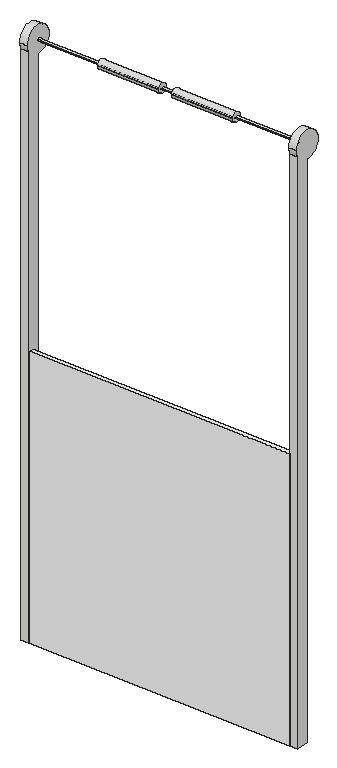
Revit family "Welterweight-SV", category Generic Models, host Wall, Revit 2026
Family settings
  Host = Wall
  Can host rebar = No
  Round Connector Dimension = Use Diameter
  Part Type = Normal
  Always vertical = Yes
  Cut with Voids When Loaded = Yes
  Maintain Annotation Orientation = No
  Shared = No
  Room Calculation Point = No
Parameters (values of type "10' x 10'")
  Type Comments = "Insulated"  # constant formula
  TrackWidth = 0' - 3 1/2"
  TrackHeight = OpeningHeight + 10' 6"  # 20' - 6"
  TrackDepth = 0' - 5 3/8"
  PanelSize = 2' - 0"  # constant formula
  OpeningWidth = 10' - 0"
  OpeningHeight = 10' - 0"
  Model = "Welterweight"  # constant formula
  Manufacturer = "TKO"  # constant formula
  DoorThk = 0' - 2"  # constant formula
  Description = "Sectional Doors"  # constant formula
  Default Elevation = 0' - 0"
Types (16): name | TrackHeight | TrackDepth | OpeningWidth | OpeningHeight
  (no name) | 20' - 6" | 0' - 5 3/8" | 10' - 0" | 10' - 0"
  8' x 10' | 20' - 6" | 0' - 5 3/8" | 8' - 0" | 10' - 0"
  9' x 10' | 20' - 6" | 0' - 5 3/8" | 9' - 0" | 10' - 0"
  10' x 10' | 20' - 6" | 0' - 5 3/8" | 10' - 0" | 10' - 0"
  10' x 11' | 21' - 6" | 0' - 5 5/8" | 10' - 0" | 11' - 0"
  9'x 11' | 21' - 6" | 0' - 5 3/8" | 9' - 0" | 11' - 0"
  8' x 11' | 21' - 6" | 0' - 5 3/8" | 8' - 0" | 11' - 0"
  10' x 12' | 22' - 6" | 0' - 5 3/8" | 10' - 0" | 12' - 0"
  8' x 12' | 22' - 6" | 0' - 5 3/8" | 8' - 0" | 12' - 0"
  9' x 12' | 22' - 6" | 0' - 5 3/8" | 9' - 0" | 12' - 0"
  10' x 8' | 18' - 6" | 0' - 5 3/8" | 10' - 0" | 8' - 0"
  10' x 9' | 18' - 6" | 0' - 5 3/8" | 10' - 0" | 8' - 0"
  8' x 9' | 19' - 6" | 0' - 5 3/8" | 8' - 0" | 9' - 0"
  8' x 8' | 18' - 6" | 0' - 5 3/8" | 8' - 0" | 8' - 0"
  9' x 9' | 19' - 6" | 0' - 5 3/8" | 9' - 0" | 9' - 0"
  9' x 8' | 19' - 6" | 0' - 5 3/8" | 9' - 0" | 9' - 0"
Reference planes (in)
  plane 1: y = 0
  plane 2 "Center (Left/Right)": x = 0
  plane 3 "Wall Edge": y = 3
  plane 4: x = -60
  plane 5: x = 60
  plane 6: z = 120
  plane 7: y = 3
  plane 8: y = 5
  plane 9: z = 24
  plane 10: z = 48
  plane 11: z = 72
  plane 12: x = -63.5
  plane 13: x = 63.5
  plane 14: y = 8.375
  plane 15: z = 246
  plane 16: z = 96
  plane 17: z = 120
  plane 18: x = -3
  plane 19: x = 3
  plane 20: x = 31
  plane 21: x = -31
Forms (in)
  Extrusion 1, void
    sketch origin (0, 3, 0) x (1, 0, 0) y (0, 0, 1)
      loop
        line (60, 120) -> (-60, 120) -> (-60, 0) -> (60, 0) -> (60, 120)
    from 0 to 6
  Extrusion 2, solid, material "DOOR PANEL"
    sketch origin (0, 0, 0) x (1, 0, 0) y (0, 1, 0)
      loop
        line (-60, 5) -> (-60, 3) -> (60, 3) -> (60, 5) -> (-60, 5)
    from 0 to 120
  Extrusion 3, solid, material "Steel"
    sketch origin (0, 0, 0) x (1, 0, 0) y (0, 1, 0)
      loop
        line (-63.5, 8.375) -> (-63.5, 3) -> (-60, 3) -> (-60, 8.375) -> (-63.5, 8.375)
      loop
        line (60, 8.375) -> (60, 3) -> (63.5, 3) -> (63.5, 8.375) -> (60, 8.375)
    from 0 to 246
  Extrusion 4, solid, material "Steel"
    sketch origin (0, 0, 0) x (0, 1, 0) y (0, 0, 1)
      loop
        circle (8.375, 246) r 6
    from 60 to 63.5
  Extrusion 5, solid, material "Steel"
    sketch origin (0, 0, 0) x (0, 1, 0) y (0, 0, -1)
      loop
        circle (8.375, -246) r 6
    from 60 to 63.5
  Extrusion 6, solid, material "Steel"
    sketch origin (0, 0, 0) x (0, 1, 0) y (0, 0, 1)
      loop
        circle (8.375, 246) r 0.5
    from -60 to 60
  Extrusion 7, solid, material "Steel"
    sketch origin (0, 0, 0) x (0, 1, 0) y (0, 0, 1)
      loop
        circle (8.375, 246) r 2
    from 3 to 31
  Extrusion 8, solid, material "Steel"
    sketch origin (0, 0, 0) x (0, 1, 0) y (0, 0, -1)
      loop
        circle (8.375, -246) r 2
    from 3 to 31
Cuts and joins
  joined: Extrusion 3, Extrusion 4, Extrusion 5
Lines and regions (in)
  model lines
    curve 1: line (60, 3, 24) -> (-60, 3, 24)
    curve 2: line (-60, 3, 48) -> (60, 3, 48)
    curve 3: line (60, 3, 72) -> (-60, 3, 72)
    curve 4: line (60, 3, 96) -> (-60, 3, 96)
    curve 5: line (60, 3, 120) -> (-60, 3, 120)
Text (in)
  text "Placement Side" at (0, 40.15149, 123.01588), in view "Right"
  text "Placement Side" at (-70.3804, 83.26548, 0), in view "Ref. Level"
  text "Placement Side" at (0, 81.62555, 140.59947), in view "Left"
Dimensions and locks (in)
  locked: plane 3 "Wall Edge" to host wall
  equal spacing: plane 5, plane 2 "Center (Left/Right)", plane 4
  "OpeningWidth": plane 5 to plane 4
  "DoorThk": plane 7 to plane 8
  host wall to Extrusion 2 = 0' - 5"
  "TrackDepth": plane 14 to plane 7
  "TrackWidth": plane 12 to plane 4
  "TrackWidth": plane 5 to plane 13
  "PanelSize": plane 9 to level
  equal spacing: plane 17, plane 16, plane 11, plane 10, plane 9, level
  "TrackHeight": level to plane 15
  "OpeningHeight": level to plane 6
  equal spacing: plane 18, plane 2 "Center (Left/Right)", plane 19, locked at 3 each
  locked: plane 21 to plane 18 at 28
  locked: plane 19 to plane 20 at 28
  radius of Extrusion 4 sketch curve = 0' - 6"
  radius of Extrusion 5 sketch curve = 0' - 6"
  radius of Extrusion 6 sketch curve = 0' - 0 1/2"
  radius of Extrusion 7 sketch curve = 0' - 2"
  radius of Extrusion 8 sketch curve = 0' - 2"
  aligned and locked: host wall to plane 7
  aligned and locked: Extrusion 1 sketch curve to plane 5
  aligned and locked: Extrusion 1 sketch curve to plane 4
  aligned and locked: Extrusion 1 to plane 7
  aligned and locked: host wall to Extrusion 1
  aligned and locked: Extrusion 2 to plane 3 "Wall Edge"
  aligned and locked: plane 8 to Extrusion 2
  aligned and locked: Extrusion 2 to plane 6
  aligned and locked: Extrusion 3 sketch curve to plane 14  (x2)
  aligned and locked: Extrusion 3 sketch curve to plane 12
  aligned and locked: curve 1 to Extrusion 3 sketch curve
  aligned and locked: plane 5 to Extrusion 3 sketch curve
  aligned and locked: Extrusion 3 sketch curve to plane 7
  aligned and locked: Extrusion 3 sketch curve to plane 13
  aligned and locked: plane 15 to Extrusion 3
  aligned and locked: plane 15 to Extrusion 4 sketch curve
  aligned and locked: Extrusion 4 to plane 13
  aligned and locked: Extrusion 4 to plane 5
  aligned and locked: plane 4 to Extrusion 5
  aligned and locked: Extrusion 5 to plane 12
  aligned and locked: curve 2 to plane 10
  aligned and locked: curve 3 to plane 11
  aligned and locked: curve 1 to plane 9
  aligned and locked: plane 5 to Extrusion 6
  aligned and locked: Extrusion 6 to plane 4
  aligned and locked: cut or joined group of Extrusion 3, Extrusion 4, Extrusion 5 to level
  aligned and locked: Extrusion 2 to level
  aligned and locked: curve 4 to plane 16
  aligned and locked: curve 5 to plane 17
  aligned and locked: level to Extrusion 2
  aligned and locked: Extrusion 1 sketch curve to level
  aligned and locked: Extrusion 1 sketch curve to plane 6
  aligned and locked: plane 15 to Extrusion 7 sketch curve
  aligned and locked: plane 14 to Extrusion 7 sketch curve
  aligned and locked: Extrusion 7 to plane 20
  aligned and locked: plane 19 to Extrusion 7
  aligned and locked: Extrusion 8 to plane 18
  aligned and locked: plane 21 to Extrusion 8
  aligned and locked: plane 15 to Extrusion 8 sketch curve
  aligned and locked: Extrusion 8 sketch curve to plane 14
  aligned and locked: Extrusion 2 to plane 4
  aligned and locked: Extrusion 2 to plane 5
  aligned and locked: cut or joined group of Extrusion 3, Extrusion 4, Extrusion 5 to plane 4
Automatic sketch dimensions
  Extrusion 2 sketch curve to host wall = 0' - 0"
  Extrusion 2 sketch curve to plane 4 = 0' - 0"
  plane 5 to Extrusion 2 sketch curve = 0' - 0"
  Extrusion 2 sketch curve to plane 8 = 0' - 0"
  curve 3 to plane 4 = 0' - 0"
  curve 1 to plane 4 = 0' - 0"
  curve 2 to plane 4 = 0' - 0"
  curve 4 to plane 4 = 0' - 0"
  curve 5 to plane 4 = 0' - 0"
  curve 4 to plane 5 = 0' - 0"
  curve 2 to plane 5 = 0' - 0"
  curve 5 to plane 5 = 0' - 0"
  curve 1 to plane 5 = 0' - 0"
  curve 3 to plane 5 = 0' - 0"
  plane 4 to Extrusion 3 sketch curve = 0' - 0"
  Extrusion 3 sketch curve to plane 13 = 0' - 0"
  Extrusion 5 sketch curve to plane 14 = 0' - 0"
  Extrusion 5 sketch curve to plane 15 = 0' - 0"
  Extrusion 6 sketch curve to plane 15 = 0' - 0"
  Extrusion 4 sketch curve to plane 14 = 0' - 0"
  Extrusion 6 sketch curve to plane 14 = 0' - 0"
